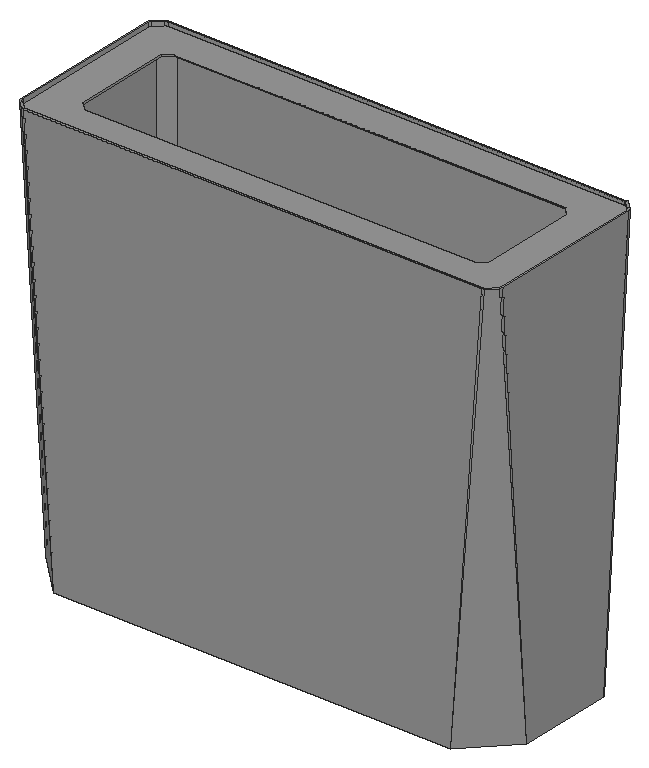
Revit family "KST-1232L-H-PL", category Furniture, Revit 2020
Family settings
  OmniClass Number = 23.40.20.00
  OmniClass Title = General Furniture and Specialties
  Work Plane-Based = No
  Always vertical = Yes
  Cut with Voids When Loaded = No
  Shared = No
  Room Calculation Point = No
Parameters (values of type "28" Tall - 12 x 32" - Planter")
  URL = "https://magnusongroup.com/products/planters/kasta.html"
  Top Material [instance] = RAL6011 GREEN
  Model = "KST-1232L-H-PL"
  Manufacturer = "Magnuson Group"
  Default Elevation = 0' - 0"
  Body Material [instance] = RAL7001 GREY
  28" Tall - 12x32 - Planter Opening = yes
  28" Tall - 12x32 - Planter = yes
Reference planes (in)
  plane 1 "Center Front/Back": y = 0
  plane 2: z = 0
  plane 3 "Center Left/Right": x = 0
  plane 4 "Bottom of Receptacle": z = 0.48416
  plane 5 "Bottom of Receptacle Void": z = 0.58572
Forms (in)
  SweptBlend 1, solid, material "RAL7001 GREY" <- "Body Material", visible <- "28" Tall - 12x32 - Planter"
    path origin (0, 0, 0.48416) x (1, 0, 0) y (0, 0, 1)
      loop
        line (0, 0) -> (0, 28.05)
    profile origin (0, 0, 0.48416) x (-1, 0, 0) y (0, -1, 0)
      loop
        line (16, 3.205) -> (13.205, 6) -> (-13.205, 6) -> (-16, 3.205) -> (-16, -3.205) -> (-13.205, -6) -> (13.205, -6) -> (16, -3.205) -> (16, 3.205)
    end profile origin (0, 0, 28.53416) x (-1, 0, 0) y (0, -1, 0)
      loop
        arc (15.22145, -6) -> (15.31712, -5.98097) -> (15.39822, -5.92678) r 0.25
        line (15.39822, -5.92678) -> (15.92678, -5.39822)
        arc (15.92678, -5.39822) -> (15.98097, -5.31712) -> (16, -5.22145) r 0.25
        line (16, -5.22145) -> (16, 5.22145)
        arc (16, 5.22145) -> (15.98097, 5.31712) -> (15.92678, 5.39822) r 0.25
        line (15.92678, 5.39822) -> (15.39822, 5.92678)
        arc (15.39822, 5.92678) -> (15.31712, 5.98097) -> (15.22145, 6) r 0.25
        line (15.22145, 6) -> (-15.22145, 6)
        arc (-15.22145, 6) -> (-15.31712, 5.98097) -> (-15.39822, 5.92678) r 0.25
        line (-15.39822, 5.92678) -> (-15.92678, 5.39822)
        arc (-15.92678, 5.39822) -> (-15.98097, 5.31712) -> (-16, 5.22145) r 0.25
        line (-16, 5.22145) -> (-16, -5.22145)
        arc (-16, -5.22145) -> (-15.98097, -5.31712) -> (-15.92678, -5.39822) r 0.25
        line (-15.92678, -5.39822) -> (-15.39822, -5.92678)
        arc (-15.39822, -5.92678) -> (-15.31712, -5.98097) -> (-15.22145, -6) r 0.25
        line (-15.22145, -6) -> (15.22145, -6)
  SweptBlend 2, void
    path origin (0, 0, 0.48416) x (1, 0, 0) y (0, 0, 1)
      loop
        line (0, 0.1) -> (0, 28.05)
    profile origin (0, 0, 0.58416) x (-1, 0, 0) y (0, -1, 0)
      loop
        line (13.16293, 5.89844) -> (-13.16293, 5.89844) -> (-15.89844, 3.16293) -> (-15.89844, -3.16293) -> (-13.16293, -5.89844) -> (13.16293, -5.89844) -> (15.89844, -3.16293) -> (15.89844, 3.16293) -> (13.16293, 5.89844)
    end profile origin (0, 0, 28.53416) x (-1, 0, 0) y (0, -1, 0)
      loop
        line (15.35615, -5.82521) -> (15.82521, -5.35615)
        arc (15.82521, -5.35615) -> (15.87941, -5.27505) -> (15.89844, -5.17938) r 0.25
        line (15.89844, -5.17938) -> (15.89844, 5.17938)
        arc (15.89844, 5.17938) -> (15.87941, 5.27505) -> (15.82521, 5.35615) r 0.25
        line (15.82521, 5.35615) -> (15.35615, 5.82521)
        arc (15.35615, 5.82521) -> (15.27505, 5.87941) -> (15.17938, 5.89844) r 0.25
        line (15.17938, 5.89844) -> (-15.17938, 5.89844)
        arc (-15.17938, 5.89844) -> (-15.27505, 5.87941) -> (-15.35615, 5.82521) r 0.25
        line (-15.35615, 5.82521) -> (-15.82521, 5.35615)
        arc (-15.82521, 5.35615) -> (-15.87941, 5.27505) -> (-15.89844, 5.17938) r 0.25
        line (-15.89844, 5.17938) -> (-15.89844, -5.17938)
        arc (-15.89844, -5.17938) -> (-15.87941, -5.27505) -> (-15.82521, -5.35615) r 0.25
        line (-15.82521, -5.35615) -> (-15.35615, -5.82521)
        arc (-15.35615, -5.82521) -> (-15.27505, -5.87941) -> (-15.17938, -5.89844) r 0.25
        line (-15.17938, -5.89844) -> (15.17938, -5.89844)
        arc (15.17938, -5.89844) -> (15.27505, -5.87941) -> (15.35615, -5.82521) r 0.25
  Extrusion 3, solid, material "RAL6011 GREEN" <- "Top Material", visible <- "28" Tall - 12x32 - Planter Opening"
    sketch origin (0, 0, 0.48416) x (0, -1, 0) y (1, 0, 0)
      loop
        arc (-5.35615, -15.82521) -> (-5.27505, -15.87941) -> (-5.17938, -15.89844) r 0.25
        line (-5.17938, -15.89844) -> (5.17938, -15.89844)
        arc (5.17938, -15.89844) -> (5.27505, -15.87941) -> (5.35615, -15.82521) r 0.25
        line (5.35615, -15.82521) -> (5.82521, -15.35615)
        arc (5.82521, -15.35615) -> (5.87941, -15.27505) -> (5.89844, -15.17938) r 0.25
        line (5.89844, -15.17938) -> (5.89844, 15.17938)
        arc (5.89844, 15.17938) -> (5.87941, 15.27505) -> (5.82521, 15.35615) r 0.25
        line (5.82521, 15.35615) -> (5.35615, 15.82521)
        arc (5.35615, 15.82521) -> (5.27505, 15.87941) -> (5.17938, 15.89844) r 0.25
        line (5.17938, 15.89844) -> (-5.17938, 15.89844)
        arc (-5.17938, 15.89844) -> (-5.27505, 15.87941) -> (-5.35615, 15.82521) r 0.25
        line (-5.35615, 15.82521) -> (-5.82521, 15.35615)
        arc (-5.82521, 15.35615) -> (-5.87941, 15.27505) -> (-5.89844, 15.17938) r 0.25
        line (-5.89844, 15.17938) -> (-5.89844, -15.17938)
        arc (-5.89844, -15.17938) -> (-5.87941, -15.27505) -> (-5.82521, -15.35615) r 0.25
        line (-5.82521, -15.35615) -> (-5.35615, -15.82521)
      loop
        line (3.25, -13.5) -> (3.75, -13) -> (3.75, 13) -> (3.25, 13.5) -> (-3.25, 13.5) -> (-3.75, 13) -> (-3.75, -13) -> (-3.25, -13.5) -> (3.25, -13.5)
    from 27.73828 to 27.82031
  Extrusion 4, solid, material "RAL9011 BLACK", visible <- "28" Tall - 12x32 - Planter"
    sketch origin (0, 0, 0.48416) x (0, -1, 0) y (1, 0, 0)
      loop
        line (-4.35938, -13.25241) -> (-3.50241, -14.10937) -> (3.50241, -14.10937) -> (4.35937, -13.25241) -> (4.35937, 13.25241) -> (3.50241, 14.10938) -> (-3.50241, 14.10938) -> (-4.35938, 13.25241) -> (-4.35938, -13.25241)
      loop
        line (-3.45063, -13.98437) -> (3.45063, -13.98437) -> (4.23437, -13.20063) -> (4.23437, 13.20063) -> (3.45063, 13.98438) -> (-3.45063, 13.98438) -> (-4.23438, 13.20063) -> (-4.23438, -13.20063) -> (-3.45063, -13.98437)
    from 18.73828 to 27.72656
  Extrusion 5, solid, material "RAL9011 BLACK", visible <- "28" Tall - 12x32 - Planter"
    sketch origin (0, 0, 0.48416) x (0, -1, 0) y (1, 0, 0)
      loop
        line (-4.35938, -13.25241) -> (-3.50241, -14.10937) -> (3.50241, -14.10937) -> (4.35937, -13.25241) -> (4.35937, 13.25241) -> (3.50241, 14.10938) -> (-3.50241, 14.10938) -> (-4.35938, 13.25241) -> (-4.35938, -13.25241)
    from 18.73828 to 18.48238
  Extrusion 6, solid, material "RAL9011 BLACK"
    sketch origin (0, 0, 0) x (1, 0, 0) y (0, 1, 0)
      loop
        circle (-13.625, 3.73438) r 0.31641
      loop
        circle (13.625, 3.73438) r 0.31641
      loop
        circle (13.625, -3.73437) r 0.31641
      loop
        circle (-13.625, -3.73437) r 0.31641
    from 0 to 0.48416
Cuts and joins
  SweptBlend 2 cuts SweptBlend 1
Dimensions and locks (in)
  SweptBlend 1 sketch curve to SweptBlend 1 sketch curve = 1' - 0"  (x2)
  SweptBlend 1 sketch curve to SweptBlend 1 sketch curve = 2' - 8"  (x2)
  SweptBlend 1 sketch curve to SweptBlend 1 sketch curve = 2' - 2.41"
  SweptBlend 1 sketch curve to SweptBlend 1 sketch curve = 0' - 6.41"
  SweptBlend 1 sketch curve to SweptBlend 1 sketch curve = 0' - 10.44289"
  SweptBlend 1 sketch curve to SweptBlend 1 sketch curve = 2' - 6.44289"
  Extrusion 3 sketch curve to Extrusion 3 sketch curve = 2' - 3"
  Extrusion 3 sketch curve to Extrusion 3 sketch curve = 0' - 7 1/2"
  Extrusion 3 sketch curve to Extrusion 3 sketch curve = 0' - 6 1/2"
  Extrusion 3 sketch curve to Extrusion 3 sketch curve = 2' - 2"
  aligned and locked: level to plane 2
